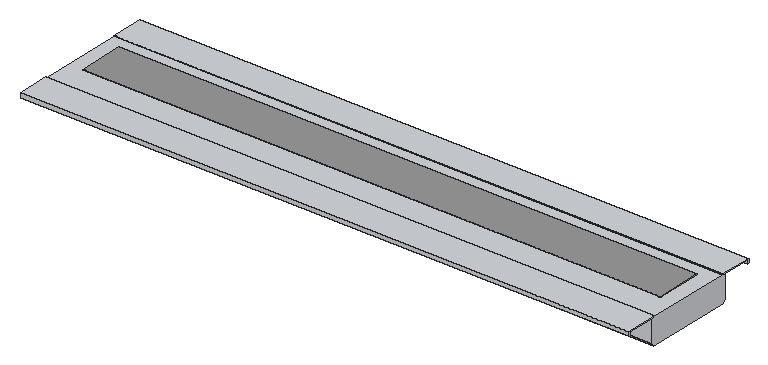
Revit family "2021682 Sylvania Lighting Fixture OPTIX R 1200 ASYMMETRIC 3K WHITE", category Lighting Fixtures, host Face, Revit 2018
Family settings
  Host = Face
  Round Connector Dimension = Use Diameter
  Part Type = Normal
  OmniClass Number = 23.80.70.00
  OmniClass Title = Lighting
  Cut with Voids When Loaded = No
  Light Source = Yes
  Shared = No
  Room Calculation Point = No
Parameters (values of type "2021682 OPTIX R 1200 ASYM 3K WHT")
  spacer height = 8 mm
  spacer centres = 1000 mm
  Width = 293 mm
  Weight = "n/a"
  Wattage Comments = ""
  Wattage = 9.2903 W
  WarrantyStartDate [instance] = "n/a"
  WarrantyGuarantorParts = "n/a"
  WarrantyDurationUnit = "n/a"
  WarrantyDurationParts = ""
  WarrantyDescription = "http://www.sylvania-lighting.com"
  built-in parameter 1150110 = 1 (stored number, unit not read)
  Voltage = 0 V
  URL = "0.95"
  TypeName = "OPTIX R 1200 ASYMMETRIC 3K WHITE"
  Type Image = <None>
  Type Comments = "n/a"
  built-in parameter 1114217 = 1 (stored number, unit not read)
  Tilt Angle = 90.00°
  built-in parameter 1150109 = 1 (stored number, unit not read)
  built-in parameter 1150134 = 3
  built-in parameter 1150113 = 1 (stored number, unit not read)
  SerialNumber [instance] = "n/a"
  Photometric Web File = "2021682.ies"
  Material_3_FEILO = none
  PowerFactor = 0
  PowerConsumption = "Lighting"
  NominalLength = 293 mm
  NominalHeight = 0 mm
  NominalDepth = 0 mm
  Name = "OPTIX R 1200 ASYMMETRIC 3K WHITE"
  ModelReference = Name  # "OPTIX R 1200 ASYMMETRIC 3K WHITE"
  ModelNumber = "2021682"
  Model = Name  # "OPTIX R 1200 ASYMMETRIC 3K WHITE"
  Material = "Feilo Sylvania"
  ManufacturerName = "113 lm/W"
  Manufacturer = ""
  LuminousEfficacy = ""
  built-in parameter 1150105 = 109.82 (stored number, unit not read)
  Lumens = 1380 lm
  LuminaireType = "0"
  built-in parameter 1150115 = 1 (stored number, unit not read)
  LightOutputRatio = "LED"
  built-in parameter 1150137 = (empty or 0)
  built-in parameter 1150139 = (empty or 0)
  Length = 1196 mm
  LampsType = Lamp  # "n/a"
  LampNominalLuminous = "3000 K"
  LampMacAdamStep = "80"
  LampColourTemperature = "LED"
  LampColourRenderingIndex = "16500"
  built-in parameter 1150112 = 1 (stored number, unit not read)
  built-in parameter 1150114 = 1 (stored number, unit not read)
  Lamp = "n/a"
  Keynote = "n/a"
  InstallationDate [instance] = "n/a"
  InputVoltage = "0"
  InputNominalFrequency = "3000"
  built-in parameter 1150132 = (empty or 0)
  built-in parameter 1150102 = (empty or 0)
  built-in parameter 1150107 = 3200 (stored number, unit not read)
  built-in parameter 1150138 = (empty or 0)
  IngressProtection = "IfcLightFixtureType"
  ImpactProtectionIndex = "IfcLightFixtureType"
  built-in parameter 1150106 = 1.0982 (stored number, unit not read)
  IfcExportType = "IfcLightFixtureType"
  IfcExportAs = "Class I"
  Height = 52 mm
  ExpectedLife = 50000
  Emit from Circle Diameter = 609.6 mm
  Emit Shape Visible in Rendering = no
  ElectricShockClassification = "113"
  built-in parameter 1150104 = 13.8 (stored number, unit not read)
  DurationUnit = "hours"
  DocumentationLiterature = "http://www.sylvania-lighting.com/product/en-int/products/2021682"
  DimmingControlOptions = "n/a"
  Material_2_FEILO = none
  Dimming Lamp Color Temperature Shift = <None>
  Description = "Recessed LED Linear luminaire with Asymmetric Aluminium Reflector, Asymmetric Light Distribution, Luminaire Dimensions: 1196x293x52mm, Sylvania White body colour, IP20, IK07, Constant Current, Low LED flicker (+/-5%), Warm White (3000K) LED Colour Temperature, 3380lm, 30W, 113lm/W efficacy, CRI>80, 3 SDCM (3-step MacAdam ellipse) LED Colour Consistency, Lumen Maintenance: L90B50 at 60,000 hours."
  Default Elevation = 1219.2 mm
  CreatedOn = "24/03/2021"
  CreatedBy = "@sylvania-lighting.com"
  Cost = 0
  Color Filter = 16777215
  built-in parameter 1114216 [instance] = (empty or 0)
  ClassificationValue = "EF_70_80"
  ClassificationName = "Uniclass2015"
  Material_1_FEILO = none
  BarCode [instance] = "n/a"
  built-in parameter 1114218 = 1 (stored number, unit not read)
  built-in parameter 1150133 = 10 (stored number, unit not read)
  AssetType = "Fixed"
  AssetIdentifier [instance] = "n/a"
  Assembly Code = "D5020200"
  Apparent Load = 30 VA
  Material_4_FEILO = none
Reference planes
  plane 1 "Center (Front/Back)": y = 0
  plane 2: z = 0
  plane 3 "Center (Left/Right)": x = 0
  plane 4: z = 0
  plane 5: z = -52
  plane 6: y = 146.5
  plane 7: y = -146.5
  plane 8: x = -598
  plane 9: x = 598
  plane 10: z = -8
  plane 11: y = 145.5
  plane 12: z = -1
  plane 13: y = -145.5
  plane 14: z = -1
  plane 15: y = 89.5
  plane 16: y = -89.5
  plane 17: y = 84.5
  plane 18: z = -47
  plane 19: z = -47
  plane 20: y = -84.5
  plane 21: x = 568
  plane 22: x = -568
  plane 23: y = -31.5
  plane 24: y = 58.5
Forms (mm)
  Extrusion 1, solid, material <- "Material_1_FEILO", detail levels medium+fine
    sketch origin (319, 1524, 1219.2) x (0, 1, 0) y (0, 0, 1)
      loop
        line (-1377.5, -1227.2) -> (-1377.5, -1219.2) -> (-1440.5, -1219.2) -> (-1440.5, -1220.2) -> (-1378.5, -1220.2) -> (-1378.5, -1227.2) -> (-1377.5, -1227.2)
    from -917 to 279
  Extrusion 2, solid, material <- "Material_1_FEILO", detail levels medium+fine
    sketch origin (0, 0, 0) x (0, 1, 0) y (0, 0, 1)
      loop
        line (-145.5, -8) -> (-145.5, -1) -> (-83.5, -1) -> (-83.5, 0) -> (-146.5, 0) -> (-146.5, -8) -> (-145.5, -8)
    from -598 to 598
  Extrusion 3, solid, material <- "Material_1_FEILO", detail levels medium+fine
    sketch origin (319, 1524, 1219.2) x (0, 1, 0) y (0, 0, 1)
      loop
        line (-1434.5, -1220.2) -> (-1613.5, -1220.2) -> (-1613.5, -1266.2) -> (-1608.5, -1271.2) -> (-1439.5, -1271.2) -> (-1434.5, -1266.2) -> (-1434.5, -1220.2)
    from -917 to 279
  Extrusion 4, solid, material "Glass, White, High Luminance", detail levels fine
    sketch origin (4.2, 0, 0) x (1, 0, 0) y (0, 1, 0)
      loop
        line (-572.2, 58.5) -> (-572.2, -31.5) -> (563.8, -31.5) -> (563.8, 58.5) -> (-572.2, 58.5)
    from 0 to 1
  Extrusion 5, void
    sketch origin (-984.261, -52.317, -52) x (1, 0, 0) y (0, 1, 0)
      loop
        line (386.261, 198.817) -> (386.261, -94.183) -> (1582.261, -94.183) -> (1582.261, 198.817) -> (386.261, 198.817)
    from -337.369 to 583.514
  Extrusion 6, solid, detail levels coarse
    sketch origin (0, 1219.2, 38) x (1, 0, 0) y (0, 1, 0)
      loop
        line (-598, -1072.7) -> (-598, -1365.7) -> (598, -1365.7) -> (598, -1072.7) -> (-598, -1072.7)
    from -37 to -90
Dimensions and locks
  "Width": plane 6 to plane 7
  equal spacing: plane 6, plane 1 "Center (Front/Back)", plane 7
  "Length": plane 8 to plane 9
  equal spacing: plane 8, plane 3 "Center (Left/Right)", plane 9
  "spacer height": host face to plane 10
  "Height": level to plane 5
  plane 3 "Center (Left/Right)" to Extrusion 1 = 598 mm
  aligned and locked: plane 2 to host face
  aligned and locked: level to host face
Automatic sketch dimensions
  host sketch curve to host sketch curve = 2438.4 mm
  host sketch curve to host sketch curve = 2429.7 mm
  Extrusion 1 sketch curve to plane 10 = 0 mm
  Extrusion 1 sketch curve to plane 11 = 0 mm
  Extrusion 1 sketch curve to plane 6 = 0 mm
  Extrusion 1 sketch curve to plane 12 = 0 mm
  Extrusion 1 sketch curve to level = 0 mm
  Extrusion 2 sketch curve to plane 7 = 0 mm
  Extrusion 2 sketch curve to plane 13 = 0 mm
  Extrusion 2 sketch curve to plane 12 = 0 mm
  Extrusion 2 sketch curve to plane 10 = 0 mm
  Extrusion 2 sketch curve to level = 0 mm
  Extrusion 2 sketch curve to plane 16 = 6 mm
  plane 15 to Extrusion 1 sketch curve = 6 mm
  Extrusion 3 sketch curve to plane 12 = 0 mm
  Extrusion 3 sketch curve to plane 16 = 0 mm
  Extrusion 3 sketch curve to plane 5 = 0 mm
  Extrusion 3 sketch curve to plane 20 = 0 mm
  Extrusion 3 sketch curve to plane 17 = 0 mm
  Extrusion 3 sketch curve to plane 15 = 0 mm
  Extrusion 3 sketch curve to plane 18 = 0 mm  (x2)
  Extrusion 4 sketch curve to plane 22 = 0 mm
  Extrusion 4 sketch curve to plane 21 = 0 mm
  Extrusion 4 sketch curve to plane 23 = 0 mm
  plane 24 to Extrusion 4 sketch curve = 0 mm
  Extrusion 5 sketch curve to Extrusion 5 sketch curve = 1196 mm
  Extrusion 5 sketch curve to plane 6 = 293 mm
  Extrusion 5 sketch curve to plane 9 = 1196 mm
  Extrusion 5 sketch curve to Extrusion 5 sketch curve = 293 mm
  Extrusion 6 sketch curve to plane 7 = 0 mm
  Extrusion 6 sketch curve to plane 8 = 0 mm
  Extrusion 6 sketch curve to plane 9 = 0 mm
  Extrusion 6 sketch curve to plane 11 = 1 mm
Connectors
  electrical at (0, 0, -52)
    settings: on Extrusion 3, index 1, voltage 0 V, apparent load 0 VA, apparent load phase1 0 VA, apparent load phase2 0 VA, apparent load phase3 0 VA, power factor 1, load classification "Other", number of poles 1, system type 31, power factor state 1, is connector primary yes, connector utility no, sub classification motor no, connector description ""
